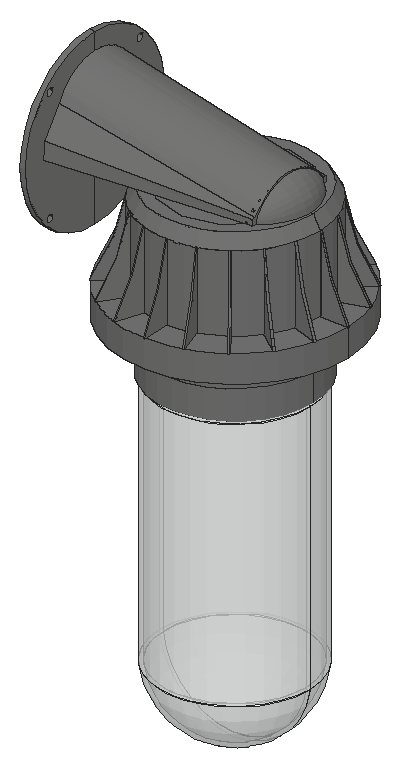
Revit family "Vaportite Wall (VTW) 200w INC 24w LED", category Lighting Fixtures, Revit 2020
Family settings
  Round Connector Dimension = Use Diameter
  Part Type = Normal
  OmniClass Number = 23.80.70.00
  OmniClass Title = Lighting
  Work Plane-Based = No
  Always vertical = Yes
  Cut with Voids When Loaded = No
  Light Source = Yes
  Shared = No
  Room Calculation Point = No
Parameters (values of type "VTW200GL")
  Weight = "4 lbs"
  Wattage Comments = "24W"
  Wattage = 2.4 W
  Warranty = "5 year limited warranty"  # constant formula
  built-in parameter 1150110 = 1 (stored number, unit not read)
  Voltage = 277 V  # constant formula
  VTW200GL = yes
  URL = "https://www.anplighting.com/assets/Uploads/product-attachments/specification-sheets/ANP-Specification-Sheet-RLM-LED-VTW200GL.pdf"
  built-in parameter 1114217 = 1 (stored number, unit not read)
  Tilt Angle = 90.00°
  built-in parameter 1150109 = 1 (stored number, unit not read)
  built-in parameter 1150134 = 12
  built-in parameter 1150113 = 1 (stored number, unit not read)
  Power Factor = 1
  Placement X axis side [instance] = 0' - 3 3/8"  # constant formula
  Photometric Web File = "generic.ies"
  Model = "VTW200GL"
  Manufacturer = "ANP Lighting"  # constant formula
  built-in parameter 1150105 = 238.73 (stored number, unit not read)
  Lumens = 3000 lm
  built-in parameter 1150115 = 1 (stored number, unit not read)
  Load Classification = Lighting
  Light Source Height [instance] = 0' - 8 1/4"  # constant formula
  built-in parameter 1150137 = (empty or 0)
  built-in parameter 1150139 = (empty or 0)
  Light Elevation _2 [instance] = 0' - 1 137/256"  # constant formula
  Light Elevation _1 [instance] = 0' - 0 7/8"  # constant formula
  Light Elevation [instance] = 0' - 0"  # constant formula
  Life = "L70 50,000 hours"  # constant formula
  built-in parameter 1150112 = 1 (stored number, unit not read)
  built-in parameter 1150114 = 1 (stored number, unit not read)
  Lamp = "LED"
  built-in parameter 1150132 = 2
  built-in parameter 1150102 = (empty or 0)
  built-in parameter 1150107 = 4000 (stored number, unit not read)
  built-in parameter 1150138 = (empty or 0)
  built-in parameter 1150106 = 2.3873 (stored number, unit not read)
  INSIDE BODY = INSIDE BODY
  HUB = Texture Black
  Fixture Height = 1' - 1 1/2"
  Fixture Diameter = 0' - 6"
  Efficiency = "65-125 lumens per watt"  # constant formula
  built-in parameter 1150104 = 116.13 (stored number, unit not read)
  Dimming Lamp Color Temperature Shift = <None>
  Dimming = "1%"  # constant formula
  Description = "120-277 Voltage"  # constant formula
  Default Elevation = 0' - 0"
  Construction Material = "Cast aluminum."  # constant formula
  Color Filter = 16777215
  CRI = ">90"  # constant formula
  Bulb = Bulb
  Body Material = body
  Body Colour = "Cast aluminium"  # constant formula
  built-in parameter 1114218 = 1 (stored number, unit not read)
  built-in parameter 1150133 = 10 (stored number, unit not read)
  Apparent Load = 24 VA
Reference planes (in)
  plane 1 "Light Source Axis (F/B)": y = 0
  plane 2: z = 0
  plane 3 "Light Source Axis (L/R)": x = 0
  plane 4 "Light Source Elevation": z = 0
  plane 5: z = 0
  plane 6: x = 3.375
  plane 7 "Bulb Position": z = -1.53516
  plane 8 "Canopy Position": z = -0.875
  plane 9 "IES": z = -9.78516
Dimensions and locks (in)
  "Light Elevation": plane 5 to plane 2
  "Placement X axis side": plane 6 to plane 3 "Light Source Axis (L/R)"
  "Light Elevation _2": plane 5 to plane 7 "Bulb Position"
  "Light Elevation _1": plane 5 to plane 8 "Canopy Position"
  "Light Source Height": plane 7 "Bulb Position" to plane 9 "IES"
  locked: plane 4 "Light Source Elevation" to plane 2
  aligned and locked: level to plane 2
  aligned and locked: imposter light to plane 9 "IES"
  aligned and locked: plane 6 to imposter light
  aligned and locked: plane 3 "Light Source Axis (L/R)" to nested 1
  aligned and locked: plane 5 to nested 1
Nested families (in)
  nested 1: "VTW200GL A" at (0, 0, 0), visible <- "VTW200GL", GLASS <- "Bulb", HUB <- "HUB", Light Elevation <- "Light Elevation", type "VTW200GL A"
    with Light Elevation 0' - 0", HUB Texture Black, GLASS Bulb
Definition of nested family "VTW200GL A"
  Parameters (values of type "VTW200GL A")
    VTW200GL [instance] = yes
    Light Elevation [instance] = 2' - 0"
    HUB [instance] = none
    GLASS [instance] = none
    Default Elevation = 0' - 0"
  Reference planes (in)
    plane 1 "Center (Front/Back)": y = 0
    plane 2: z = 0
    plane 3 "Center (Left/Right)": x = 0
    plane 4: z = 0
    plane 5: z = 24
  Dimensions and locks (in)
    "Light Elevation": plane 5 to plane 4
    aligned and locked: plane 2 to level
    aligned and locked: plane 5 to nested 1
  Nested families (in)
    nested 1: "VTW 200w.LED" at (3.375, 19.93129, 10.5), HUB <- "HUB", GLASS <- "GLASS", visible <- "VTW200GL", VTW200GL <- "VTW200GL", type "VTW 100w.LED"
      with VTW200GL yes, HUB none, GLASS none
  Definition of nested family "VTW 200w.LED"
    Parameters (values of type "VTW 100w.LED")
      VTW200GL [instance] = yes
      HUB [instance] = none
      GLASS [instance] = none
      Default Elevation = 0' - 0"
    Reference planes (in)
      plane 1 "Center (Front/Back)": y = 0
      plane 2: z = 0
      plane 3 "Center (Left/Right)": x = 0
      plane 4: y = 106.42871
      plane 5: x = 2.625
      plane 6: x = -2.625
      plane 7: z = 13.5
      plane 8: x = -3.375
      plane 9: z = 11.5
      plane 10: x = 1.75
      plane 11: z = 9.5
      plane 12: through (0, 0, 10) normal (0, 0.7071, 0.7071)
      plane 13: through (0, 0, 10) normal (0, -0.7071, 0.7071)
    Forms (in)
      Revolve 1, solid, material <- "HUB", visible <- "VTW200GL"
        sketch origin (0, 0, 0.75) x (1, 0, 0) y (0, 0, 1)
          loop
            line (-1.5625, 6.82024) -> (-1.5625, 6.91399) -> (-1.72405, 6.91399) -> (-1.72405, 7.66399) -> (-1.8406, 7.66399) -> (-1.8406, 7.9996) -> (-1.95259, 7.9996) -> (-1.95259, 8.13959) -> (-2.53125, 8.13959) -> (-2.53125, 8.58682) -> (-1.87856, 8.58682) -> (-1.87856, 10.4566) -> (-1.76216, 10.65821) -> (-1.50064, 10.65821) -> (0, 10.65821) -> (0, 10.75196) -> (-1.56628, 10.75196) -> (-1.81628, 10.75196) -> (-1.98681, 10.4566) -> (-1.98681, 8.68279) -> (-2.625, 8.68279) -> (-2.625, 8.04584) -> (-2.04634, 8.04584) -> (-2.04634, 7.90585) -> (-1.93435, 7.90585) -> (-1.93435, 7.57024) -> (-1.8178, 7.57024) -> (-1.8178, 6.82024) -> (-1.5625, 6.82024)
          axis (0, 10.75196) -> (0, 6.82024)
        angle from 0 to 360
      Extrusion 2, solid, material <- "HUB", visible <- "VTW200GL"
        sketch origin (0, 0.01635, 0.10938) x (1, 0, 0) y (0, 0, 1)
          loop
            arc (-1.98681, 11.09723) -> (-2.22308, 10.18052) -> (-2.625, 9.32341) r 5.09065
            line (-2.625, 9.32341) -> (-1.98681, 9.32341) -> (-1.98681, 11.09723)
        from 0 to 0.03269
      Extrusion 3, solid, material <- "HUB", visible <- "VTW200GL"
        sketch origin (0.00505, 0.01555, 0.10938) x (0.951057, -0.309017, 0) y (0, 0, 1)
          loop
            arc (-1.98681, 11.09723) -> (-2.22308, 10.18052) -> (-2.625, 9.32341) r 5.09065
            line (-2.625, 9.32341) -> (-1.98681, 9.32341) -> (-1.98681, 11.09723)
        from 0 to 0.03269
      Extrusion 4, solid, material <- "HUB", visible <- "VTW200GL"
        sketch origin (-0.00505, 0.01555, 0.10938) x (0.951057, 0.309017, 0) y (0, 0, 1)
          loop
            arc (-1.98681, 11.09723) -> (-2.22308, 10.18052) -> (-2.625, 9.32341) r 5.09065
            line (-2.625, 9.32341) -> (-1.98681, 9.32341) -> (-1.98681, 11.09723)
        from 0 to 0.03269
      Extrusion 5, solid, material <- "HUB", visible <- "VTW200GL"
        sketch origin (-0.00961, 0.01322, 0.10938) x (0.809017, 0.587785, 0) y (0, 0, 1)
          loop
            arc (-1.98681, 11.09723) -> (-2.22308, 10.18052) -> (-2.625, 9.32341) r 5.09065
            line (-2.625, 9.32341) -> (-1.98681, 9.32341) -> (-1.98681, 11.09723)
        from 0 to 0.03269
      Extrusion 6, solid, material <- "HUB", visible <- "VTW200GL"
        sketch origin (-0.01322, 0.00961, 0.10938) x (0.587785, 0.809017, 0) y (0, 0, 1)
          loop
            arc (-1.98681, 11.09723) -> (-2.22308, 10.18052) -> (-2.625, 9.32341) r 5.09065
            line (-2.625, 9.32341) -> (-1.98681, 9.32341) -> (-1.98681, 11.09723)
        from 0 to 0.03269
      Extrusion 7, solid, material <- "HUB", visible <- "VTW200GL"
        sketch origin (-0.01555, 0.00505, 0.10938) x (0.309017, 0.951057, 0) y (0, 0, 1)
          loop
            arc (-1.98681, 11.09723) -> (-2.22308, 10.18052) -> (-2.625, 9.32341) r 5.09065
            line (-2.625, 9.32341) -> (-1.98681, 9.32341) -> (-1.98681, 11.09723)
        from 0 to 0.03269
      Extrusion 8, solid, material <- "HUB", visible <- "VTW200GL"
        sketch origin (-0.01635, 0, 0.10938) x (0, 1, 0) y (0, 0, 1)
          loop
            arc (-1.98681, 11.09723) -> (-2.22308, 10.18052) -> (-2.625, 9.32341) r 5.09065
            line (-2.625, 9.32341) -> (-1.98681, 9.32341) -> (-1.98681, 11.09723)
        from 0 to 0.03269
      Extrusion 9, solid, material <- "HUB", visible <- "VTW200GL"
        sketch origin (-0.01555, -0.00505, 0.10938) x (-0.309017, 0.951057, 0) y (0, 0, 1)
          loop
            arc (-1.98681, 11.09723) -> (-2.22308, 10.18052) -> (-2.625, 9.32341) r 5.09065
            line (-2.625, 9.32341) -> (-1.98681, 9.32341) -> (-1.98681, 11.09723)
        from 0 to 0.03269
      Extrusion 10, solid, material <- "HUB", visible <- "VTW200GL"
        sketch origin (-0.01322, -0.00961, 0.10938) x (-0.587785, 0.809017, 0) y (0, 0, 1)
          loop
            arc (-1.98681, 11.09723) -> (-2.22308, 10.18052) -> (-2.625, 9.32341) r 5.09065
            line (-2.625, 9.32341) -> (-1.98681, 9.32341) -> (-1.98681, 11.09723)
        from 0 to 0.03269
      Extrusion 11, solid, material <- "HUB", visible <- "VTW200GL"
        sketch origin (-0.00961, -0.01322, 0.10938) x (-0.809017, 0.587785, 0) y (0, 0, 1)
          loop
            arc (-1.98681, 11.09723) -> (-2.22308, 10.18052) -> (-2.625, 9.32341) r 5.09065
            line (-2.625, 9.32341) -> (-1.98681, 9.32341) -> (-1.98681, 11.09723)
        from 0 to 0.03269
      Extrusion 12, solid, material <- "HUB", visible <- "VTW200GL"
        sketch origin (-0.00505, -0.01555, 0.10938) x (-0.951057, 0.309017, 0) y (0, 0, 1)
          loop
            arc (-1.98681, 11.09723) -> (-2.22308, 10.18052) -> (-2.625, 9.32341) r 5.09065
            line (-2.625, 9.32341) -> (-1.98681, 9.32341) -> (-1.98681, 11.09723)
        from 0 to 0.03269
      Extrusion 13, solid, material <- "HUB", visible <- "VTW200GL"
        sketch origin (0, -0.01635, 0.10938) x (-1, 0, 0) y (0, 0, 1)
          loop
            arc (-1.98681, 11.09723) -> (-2.22308, 10.18052) -> (-2.625, 9.32341) r 5.09065
            line (-2.625, 9.32341) -> (-1.98681, 9.32341) -> (-1.98681, 11.09723)
        from 0 to 0.03269
      Extrusion 14, solid, material <- "HUB", visible <- "VTW200GL"
        sketch origin (0.00505, -0.01555, 0.10938) x (-0.951057, -0.309017, 0) y (0, 0, 1)
          loop
            arc (-1.98681, 11.09723) -> (-2.22308, 10.18052) -> (-2.625, 9.32341) r 5.09065
            line (-2.625, 9.32341) -> (-1.98681, 9.32341) -> (-1.98681, 11.09723)
        from 0 to 0.03269
      Extrusion 15, solid, material <- "HUB", visible <- "VTW200GL"
        sketch origin (0.00961, -0.01322, 0.10938) x (-0.809017, -0.587785, 0) y (0, 0, 1)
          loop
            arc (-1.98681, 11.09723) -> (-2.22308, 10.18052) -> (-2.625, 9.32341) r 5.09065
            line (-2.625, 9.32341) -> (-1.98681, 9.32341) -> (-1.98681, 11.09723)
        from 0 to 0.03269
      Extrusion 16, solid, material <- "HUB", visible <- "VTW200GL"
        sketch origin (0.01322, -0.00961, 0.10938) x (-0.587785, -0.809017, 0) y (0, 0, 1)
          loop
            arc (-1.98681, 11.09723) -> (-2.22308, 10.18052) -> (-2.625, 9.32341) r 5.09065
            line (-2.625, 9.32341) -> (-1.98681, 9.32341) -> (-1.98681, 11.09723)
        from 0 to 0.03269
      Extrusion 17, solid, material <- "HUB", visible <- "VTW200GL"
        sketch origin (0.01555, -0.00505, 0.10938) x (-0.309017, -0.951057, 0) y (0, 0, 1)
          loop
            arc (-1.98681, 11.09723) -> (-2.22308, 10.18052) -> (-2.625, 9.32341) r 5.09065
            line (-2.625, 9.32341) -> (-1.98681, 9.32341) -> (-1.98681, 11.09723)
        from 0 to 0.03269
      Extrusion 18, solid, material <- "HUB", visible <- "VTW200GL"
        sketch origin (0.01635, 0, 0.10938) x (0, -1, 0) y (0, 0, 1)
          loop
            arc (-1.98681, 11.09723) -> (-2.22308, 10.18052) -> (-2.625, 9.32341) r 5.09065
            line (-2.625, 9.32341) -> (-1.98681, 9.32341) -> (-1.98681, 11.09723)
        from 0 to 0.03269
      Extrusion 19, solid, material <- "HUB", visible <- "VTW200GL"
        sketch origin (0.01555, 0.00505, 0.10938) x (0.309017, -0.951057, 0) y (0, 0, 1)
          loop
            arc (-1.98681, 11.09723) -> (-2.22308, 10.18052) -> (-2.625, 9.32341) r 5.09065
            line (-2.625, 9.32341) -> (-1.98681, 9.32341) -> (-1.98681, 11.09723)
        from 0 to 0.03269
      Extrusion 20, solid, material <- "HUB", visible <- "VTW200GL"
        sketch origin (0.01322, 0.00961, 0.10938) x (0.587785, -0.809017, 0) y (0, 0, 1)
          loop
            arc (-1.98681, 11.09723) -> (-2.22308, 10.18052) -> (-2.625, 9.32341) r 5.09065
            line (-2.625, 9.32341) -> (-1.98681, 9.32341) -> (-1.98681, 11.09723)
        from 0 to 0.03269
      Extrusion 21, solid, material <- "HUB", visible <- "VTW200GL"
        sketch origin (0.00961, 0.01322, 0.10938) x (0.809017, -0.587785, 0) y (0, 0, 1)
          loop
            arc (-1.98681, 11.09723) -> (-2.22308, 10.18052) -> (-2.625, 9.32341) r 5.09065
            line (-2.625, 9.32341) -> (-1.98681, 9.32341) -> (-1.98681, 11.09723)
        from 0 to 0.03269
      Revolve 22, solid, material <- "GLASS", visible <- "VTW200GL"
        sketch origin (0, 0, 0) x (1, 0, 0) y (0, 0, 1)
          loop
            line (-1.74976, 7.47143) -> (-1.74976, 1.61206)
            arc (-1.74976, 1.61206) -> (-1.17144, 0.48414) -> (0, 0) r 1.83545
            line (0, 0) -> (0, 0.09383)
            arc (0, 0.09383) -> (-1.10721, 0.55244) -> (-1.65601, 1.61782) r 1.7417
            line (-1.65601, 1.61782) -> (-1.65601, 7.4381) -> (-1.37262, 7.57024) -> (-1.56244, 7.57024)
            arc (-1.56244, 7.57024) -> (-1.66833, 7.54403) -> (-1.74976, 7.47143) r 0.22696
          axis (0, 7.57024) -> (0, 0)
        angle from 0 to 360
      Revolve 23, solid, material <- "HUB", visible <- "VTW200GL"
        sketch origin (0, 0, 0.21483) x (1, 0, 0) y (0, 0, 1)
          loop
            line (-3.375, 11.28517) -> (-3.24997, 11.28517) -> (-3.24997, 13.28517) -> (-3.375, 13.28517) -> (-3.375, 11.28517)
          axis (-3.24997, 11.28517) -> (-3.375, 11.28517)
        angle from 0 to 360
      SweptBlend 24, solid, material <- "HUB", visible <- "VTW200GL"
        path origin (0, 0, 0) x (1, 0, 0) y (0, 0, 1)
          loop
            line (-3.24997, 11.5) -> (1.25003, 11.5)
        profile origin (-3.24997, 0, 11.5) x (0, 0, 1) y (0, -1, 0)
          loop
            line (0, 1.49804) -> (0, -1.65429)
            arc (0, -1.65429) -> (0.19344, -1.64539) -> (0.38526, -1.61877) r 2.10741
            line (0.38526, -1.61877) -> (0.9487, -1.05533)
            arc (0.9487, -1.05533) -> (1.61838, -0.01231) -> (0.97087, 1.04461) r 1.16633
            line (0.97087, 1.04461) -> (0.37008, 1.46529)
            arc (0.37008, 1.46529) -> (0.18576, 1.48983) -> (0, 1.49804) r 2.10741
        end profile origin (1.25003, 0, 11.5) x (0, 0, 1) y (0, -1, 0)
          loop
            line (0, 1.04491) -> (0, -1.06054)
            arc (0, -1.06054) -> (0.06285, -1.0596) -> (0.12565, -1.05679) r 2.10741
            line (0.12565, -1.05679) -> (0.14154, -0.98199)
            arc (0.14154, -0.98199) -> (0.6582, 0) -> (0.14154, 0.98199) r 1.19155
            line (0.14154, 0.98199) -> (0.12901, 1.04096)
            arc (0.12901, 1.04096) -> (0.06454, 1.04392) -> (0, 1.04491) r 2.10741
      Sweep 25, solid, material <- "HUB", visible <- "VTW200GL"
        path origin (-0.0625, 0, 0) x (1, 0, 0) y (0, 0, 1)
          loop
            arc (1.31253, 12.1582) -> (1.67653, 11.91571) -> (1.8125, 11.5) r 0.66806
        profile origin (1.61403, 0, 11.91571) x (0.796317, 0, 0.604879) y (0, -1, 0)
          loop
            arc (-0.6404, -1.0652) -> (-0.00358, -0.00148) -> (-0.6404, 1.06225) r 1.20682
            line (-0.6404, 1.06225) -> (-0.6404, -1.0652)
      Extrusion 26, void
        sketch origin (0, 0, 0) x (0, 1, 0) y (0, 0, 1)
          loop
            circle (-1.2994, 12.80779) r 0.09375
          loop
            circle (1.2994, 12.80779) r 0.09375
          loop
            circle (-1.2994, 10.19221) r 0.09375
          loop
            circle (1.2994, 10.19221) r 0.09375
        from -3.24997 to -3.375
    Cuts and joins
      Extrusion 26 cuts Revolve 1
      Extrusion 26 cuts Extrusion 11
      Extrusion 26 cuts Extrusion 15
      Extrusion 26 cuts Revolve 23
    Dimensions and locks (in)
      plane 3 "Center (Left/Right)" to plane 5 = 0' - 2 5/8"
      plane 4 to plane 1 "Center (Front/Back)" = 8' - 10.42871"
      equal spacing: plane 6, plane 3 "Center (Left/Right)", plane 5
      plane 7 to plane 2 = 1' - 1 1/2"
      plane 5 to plane 8 = 0' - 6"
      plane 8 to plane 10 = 0' - 5 1/8"
      plane 7 to plane 11 = 0' - 4"
      equal spacing: plane 7, plane 9, plane 11
      plane 9 to plane 11 = 0' - 2"
      aligned and locked: plane 2 to level
    Automatic sketch dimensions
      Extrusion 2 sketch curve to Extrusion 2 sketch curve = 0' - 0.63819"
      Extrusion 2 sketch curve to Extrusion 2 sketch curve = 0' - 4.38814"
      Extrusion 2 sketch curve to Extrusion 2 sketch curve = 0' - 1.77381"
      Extrusion 3 sketch curve to Extrusion 3 sketch curve = 0' - 0.63819"
      Extrusion 3 sketch curve to Extrusion 3 sketch curve = 0' - 4.38814"
      Extrusion 3 sketch curve to Extrusion 3 sketch curve = 0' - 1.77381"
      Extrusion 4 sketch curve to Extrusion 4 sketch curve = 0' - 0.63819"
      Extrusion 4 sketch curve to Extrusion 4 sketch curve = 0' - 4.38814"
      Extrusion 4 sketch curve to Extrusion 4 sketch curve = 0' - 1.77381"
      Extrusion 5 sketch curve to Extrusion 5 sketch curve = 0' - 0.63819"
      Extrusion 5 sketch curve to Extrusion 5 sketch curve = 0' - 4.38814"
      Extrusion 5 sketch curve to Extrusion 5 sketch curve = 0' - 1.77381"
      Extrusion 6 sketch curve to Extrusion 6 sketch curve = 0' - 0.63819"
      Extrusion 6 sketch curve to Extrusion 6 sketch curve = 0' - 4.38814"
      Extrusion 6 sketch curve to Extrusion 6 sketch curve = 0' - 1.77381"
      Extrusion 7 sketch curve to Extrusion 7 sketch curve = 0' - 0.63819"
      Extrusion 7 sketch curve to Extrusion 7 sketch curve = 0' - 4.38814"
      Extrusion 7 sketch curve to Extrusion 7 sketch curve = 0' - 1.77381"
      Extrusion 8 sketch curve to Extrusion 8 sketch curve = 0' - 0.63819"
      Extrusion 8 sketch curve to Extrusion 8 sketch curve = 0' - 4.38814"
      Extrusion 8 sketch curve to Extrusion 8 sketch curve = 0' - 1.77381"
      Extrusion 9 sketch curve to Extrusion 9 sketch curve = 0' - 0.63819"
      Extrusion 9 sketch curve to Extrusion 9 sketch curve = 0' - 4.38814"
      Extrusion 9 sketch curve to Extrusion 9 sketch curve = 0' - 1.77381"
      Extrusion 10 sketch curve to Extrusion 10 sketch curve = 0' - 0.63819"
      Extrusion 10 sketch curve to Extrusion 10 sketch curve = 0' - 4.38814"
      Extrusion 10 sketch curve to Extrusion 10 sketch curve = 0' - 1.77381"
      Extrusion 11 sketch curve to Extrusion 11 sketch curve = 0' - 0.63819"
      Extrusion 11 sketch curve to Extrusion 11 sketch curve = 0' - 4.38814"
      Extrusion 11 sketch curve to Extrusion 11 sketch curve = 0' - 1.77381"
      Extrusion 12 sketch curve to Extrusion 12 sketch curve = 0' - 0.63819"
      Extrusion 12 sketch curve to Extrusion 12 sketch curve = 0' - 4.38814"
      Extrusion 12 sketch curve to Extrusion 12 sketch curve = 0' - 1.77381"
      Extrusion 13 sketch curve to Extrusion 13 sketch curve = 0' - 0.63819"
      Extrusion 13 sketch curve to Extrusion 13 sketch curve = 0' - 4.38814"
      Extrusion 13 sketch curve to Extrusion 13 sketch curve = 0' - 1.77381"
      Extrusion 14 sketch curve to Extrusion 14 sketch curve = 0' - 0.63819"
      Extrusion 14 sketch curve to Extrusion 14 sketch curve = 0' - 4.38814"
      Extrusion 14 sketch curve to Extrusion 14 sketch curve = 0' - 1.77381"
      Extrusion 15 sketch curve to Extrusion 15 sketch curve = 0' - 0.63819"
      Extrusion 15 sketch curve to Extrusion 15 sketch curve = 0' - 4.38814"
      Extrusion 15 sketch curve to Extrusion 15 sketch curve = 0' - 1.77381"
      Extrusion 16 sketch curve to Extrusion 16 sketch curve = 0' - 0.63819"
      Extrusion 16 sketch curve to Extrusion 16 sketch curve = 0' - 4.38814"
      Extrusion 16 sketch curve to Extrusion 16 sketch curve = 0' - 1.77381"
      Extrusion 17 sketch curve to Extrusion 17 sketch curve = 0' - 0.63819"
      Extrusion 17 sketch curve to Extrusion 17 sketch curve = 0' - 4.38814"
      Extrusion 17 sketch curve to Extrusion 17 sketch curve = 0' - 1.77381"
      Extrusion 18 sketch curve to Extrusion 18 sketch curve = 0' - 0.63819"
      Extrusion 18 sketch curve to Extrusion 18 sketch curve = 0' - 4.38814"
      Extrusion 18 sketch curve to Extrusion 18 sketch curve = 0' - 1.77381"
      Extrusion 19 sketch curve to Extrusion 19 sketch curve = 0' - 0.63819"
      Extrusion 19 sketch curve to Extrusion 19 sketch curve = 0' - 4.38814"
      Extrusion 19 sketch curve to Extrusion 19 sketch curve = 0' - 1.77381"
      Extrusion 20 sketch curve to Extrusion 20 sketch curve = 0' - 0.63819"
      Extrusion 20 sketch curve to Extrusion 20 sketch curve = 0' - 4.38814"
      Extrusion 20 sketch curve to Extrusion 20 sketch curve = 0' - 1.77381"
      Extrusion 21 sketch curve to Extrusion 21 sketch curve = 0' - 0.63819"
      Extrusion 21 sketch curve to Extrusion 21 sketch curve = 0' - 4.38814"
      Extrusion 21 sketch curve to Extrusion 21 sketch curve = 0' - 1.77381"
      plane 6 to Extrusion 2 sketch curve = 0' - 0"
      plane 1 "Center (Front/Back)" to Extrusion 8 sketch curve = 0' - 7.01314"
      Extrusion 13 sketch curve to plane 5 = 0' - 0"
      Extrusion 18 sketch curve to plane 1 "Center (Front/Back)" = 0' - 7.01314"
      Revolve 22 sketch curve to Revolve 22 sketch curve = 0' - 0"  (x2)
      Revolve 22 sketch curve to plane 3 "Center (Left/Right)" = 0' - 0"
      Revolve 22 sketch curve to plane 6 = 0' - 1.25238"
      Revolve 22 sketch curve to Revolve 22 sketch curve = 0' - 0.18982"
      Revolve 22 sketch curve to Revolve 22 sketch curve = 0' - 0.09357"
      Revolve 22 sketch curve to Revolve 22 sketch curve = 0' - 0 3/32"
      plane 3 "Center (Left/Right)" to Revolve 22 sketch curve = 0' - 0"
      plane 3 "Center (Left/Right)" to Revolve 22 sketch curve = 0' - 0.07222"
      Revolve 22 sketch curve to level = 0' - 0"
      level to Revolve 22 sketch curve = 0' - 0.09383"
      level to Revolve 22 sketch curve = 0' - 1.61206"
      Revolve 22 sketch curve to Revolve 22 sketch curve = 0' - 5.72546"
      Revolve 22 sketch curve to Revolve 22 sketch curve = 0' - 0.09481"
      Revolve 22 sketch curve to Revolve 22 sketch curve = 0' - 0.03334"
      Revolve 22 sketch curve to Revolve 22 sketch curve = 0' - 2.61367"
      Revolve 22 sketch curve to Revolve 22 sketch curve = 0' - 0.53592"
      plane 6 to Revolve 1 sketch curve = 0' - 0"
      Revolve 1 sketch curve to plane 3 "Center (Left/Right)" = 0' - 0"  (x2)
      Revolve 1 sketch curve to plane 6 = 0' - 0 3/32"
      Revolve 1 sketch curve to Revolve 1 sketch curve = 0' - 0.48491"
      Revolve 1 sketch curve to plane 6 = 0' - 0.63819"
      Revolve 1 sketch curve to Revolve 1 sketch curve = 0' - 0 3/32"  (x7)
      Revolve 1 sketch curve to Revolve 1 sketch curve = 0' - 0.01824"
      Revolve 1 sketch curve to Revolve 1 sketch curve = 0' - 0.10825"
      Revolve 1 sketch curve to Revolve 1 sketch curve = 0' - 0.11655"  (x2)
      Revolve 1 sketch curve to Revolve 1 sketch curve = 0' - 0.06227"
      Revolve 1 sketch curve to Revolve 1 sketch curve = 0' - 0.05413"
      Revolve 1 sketch curve to Revolve 1 sketch curve = 0' - 0.19587"
      Revolve 1 sketch curve to Revolve 1 sketch curve = 0' - 0.16155"
      Revolve 1 sketch curve to Revolve 1 sketch curve = 0' - 0 21/32"
      Revolve 1 sketch curve to Revolve 1 sketch curve = 0' - 0.24185"
      Revolve 1 sketch curve to Revolve 1 sketch curve = 0' - 0.13999"
      Revolve 1 sketch curve to Revolve 1 sketch curve = 0' - 0.44723"
      Revolve 1 sketch curve to Revolve 1 sketch curve = 0' - 0.09597"
      Revolve 1 sketch curve to Revolve 1 sketch curve = 0' - 1.77381"
      Revolve 1 sketch curve to Revolve 1 sketch curve = 0' - 0"
      Revolve 1 sketch curve to Revolve 1 sketch curve = 0' - 0.20161"
      Revolve 1 sketch curve to Revolve 1 sketch curve = 0' - 0.06564"
      Revolve 1 sketch curve to Revolve 1 sketch curve = 0' - 0.34144"
      Revolve 1 sketch curve to Revolve 1 sketch curve = 0' - 0.47328"
      level to Revolve 1 sketch curve = 0' - 7.57024"
      Extrusion 2 sketch curve to plane 7 = 0' - 4.06721"
      Extrusion 3 sketch curve to plane 7 = 0' - 1.48671"
      Extrusion 4 sketch curve to plane 7 = 0' - 1.48671"
      Extrusion 5 sketch curve to plane 7 = 0' - 1.48671"
      Extrusion 6 sketch curve to plane 7 = 0' - 1.48671"
      Extrusion 7 sketch curve to plane 7 = 0' - 1.48671"
      Extrusion 8 sketch curve to plane 7 = 0' - 4.06721"
      Extrusion 9 sketch curve to plane 7 = 0' - 1.48671"
      Extrusion 10 sketch curve to plane 7 = 0' - 1.48671"
      Extrusion 11 sketch curve to plane 7 = 0' - 1.48671"
      Extrusion 12 sketch curve to plane 7 = 0' - 1.48671"
      Extrusion 13 sketch curve to plane 7 = 0' - 4.06721"
      Extrusion 14 sketch curve to plane 7 = 0' - 1.48671"
      Extrusion 15 sketch curve to plane 7 = 0' - 1.48671"
      Extrusion 16 sketch curve to plane 7 = 0' - 1.48671"
      Extrusion 17 sketch curve to plane 7 = 0' - 1.48671"
      Extrusion 18 sketch curve to plane 7 = 0' - 4.06721"
      Extrusion 19 sketch curve to plane 7 = 0' - 1.48671"
      Extrusion 20 sketch curve to plane 7 = 0' - 1.48671"
      Extrusion 21 sketch curve to plane 7 = 0' - 1.48671"
      Revolve 23 sketch curve to plane 9 = 0' - 0"  (x2)
      plane 7 to Revolve 23 sketch curve = 0' - 0"
      Revolve 23 sketch curve to plane 8 = 0' - 0"
      Revolve 23 sketch curve to Revolve 23 sketch curve = 0' - 0.12503"
      Revolve 23 sketch curve to plane 8 = 0' - 0.40783"
      plane 6 to Revolve 23 sketch curve = 0' - 0 1/4"
      SweptBlend 24 sketch curve to plane 9 = 0' - 0"
      plane 8 to SweptBlend 24 sketch curve = 0' - 0.12503"
      plane 3 "Center (Left/Right)" to SweptBlend 24 sketch curve = 0' - 1.25003"
      SweptBlend 24 sketch curve to plane 1 "Center (Front/Back)" = 0' - 0"  (x2)
      profile plane to SweptBlend 24 sketch curve = 0' - 0"  (x2)
      profile plane to SweptBlend 24 sketch curve = 0' - 0.53334"
      SweptBlend 24 sketch curve to profile plane = 0' - 0.12565"
      SweptBlend 24 sketch curve to profile plane = 0' - 0.12901"
      SweptBlend 24 sketch curve to profile plane = 0' - 0.14154"  (x2)
      SweptBlend 24 sketch curve to SweptBlend 24 sketch curve = 0' - 0.07479"
      SweptBlend 24 sketch curve to SweptBlend 24 sketch curve = 0' - 0.00375"
      SweptBlend 24 sketch curve to SweptBlend 24 sketch curve = 0' - 2 7/64"
      plane 1 "Center (Front/Back)" to SweptBlend 24 sketch curve = 0' - 1 3/64"
      SweptBlend 24 sketch curve to SweptBlend 24 sketch curve = 0' - 0.00395"
      SweptBlend 24 sketch curve to profile plane = 0' - 0.38526"
      SweptBlend 24 sketch curve to profile plane = 0' - 0.45212"
      SweptBlend 24 sketch curve to SweptBlend 24 sketch curve = 0' - 0.56345"  (x2)
      SweptBlend 24 sketch curve to profile plane = 0' - 0.97087"
      SweptBlend 24 sketch curve to plane 1 "Center (Front/Back)" = 0' - 0 39/64"
      SweptBlend 24 sketch curve to SweptBlend 24 sketch curve = 0' - 0.44595"
      SweptBlend 24 sketch curve to SweptBlend 24 sketch curve = 0' - 0.03551"
      SweptBlend 24 sketch curve to SweptBlend 24 sketch curve = 0' - 1.04491"
      SweptBlend 24 sketch curve to profile plane = 0' - 0.37008"
      Sweep 25 sketch curve to plane 1 "Center (Front/Back)" = 0' - 0.00148"
      profile plane to Sweep 25 sketch curve = 0' - 1.2104"
      profile plane to Sweep 25 sketch curve = 0' - 0.6404"
      Sweep 25 sketch curve to plane 1 "Center (Front/Back)" = 0' - 1.0652"
      Sweep 25 sketch curve to plane 9 = 0' - 0"
      plane 10 to Sweep 25 sketch curve = 0' - 0"
      Sweep 25 sketch curve to plane 9 = 0' - 0.01161"
      plane 10 to Sweep 25 sketch curve = 0' - 0 171/256"
      plane 10 to Sweep 25 sketch curve = 0' - 0.49997"
      plane 1 "Center (Front/Back)" to Extrusion 26 sketch curve = 0' - 1.2994"  (x2)
      Extrusion 26 sketch curve to plane 1 "Center (Front/Back)" = 0' - 1.2994"  (x2)
      Extrusion 26 sketch curve to plane 11 = 0' - 0.69221"  (x2)
      Extrusion 26 sketch curve to plane 7 = 0' - 0.69221"  (x2)
      radius of Extrusion 26 sketch curve = 0' - 0 3/32"  (x4)
